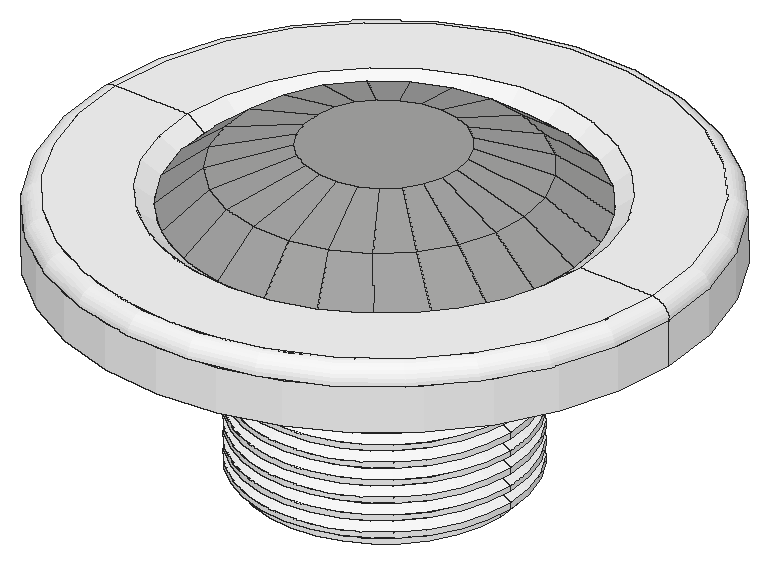
Revit family "NX_OMNI_Indoor_Sensor_Module", category Communication Devices, host Face, Revit 2021
Family settings
  Host = Face
  Maintain Annotation Orientation = No
  Round Connector Dimension = Use Diameter
  Part Type = Normal
  OmniClass Number = 23.85.80.11.27
  OmniClass Title = Lighting Controls
  Cut with Voids When Loaded = No
  Shared = Yes
  Room Calculation Point = No
Parameters
  Warranty = "5-Years Warranty"  # constant formula
  Type Comments = "Sensor Module"  # constant formula
  Timer Timeout = "Automatic mode:1 sec - 20 min"  # constant formula
  Technology = "Passive Infrared"  # constant formula
  Product Page URL = ""
  Product Documentation Link = ""
  URL = "https://www.currentlighting.com/nxlightingcontrols"
  Power Requirements = "12VDC, 30 mA supplied by NXFM or NXRC"  # constant formula
  Mounting = "Mounts in 1.5” diameter aperture, secured by supplied nut on threaded body Recommended max mounting height: 16’ [4.87 m], min 8’ [2.43 m]"  # constant formula
  Model = "NX OMNI Indoor/Outdoor Sensor Module"  # constant formula
  Manufacturer = " NX Lighting Controls"  # constant formula
  Sensing Element = Paint - Gray Smooth
  Description = "The Control Solutions NXSMP-OMNI Module provides a unique solution for integrating automatic control functions directly into a luminaire. "  # constant formula
  Default Elevation = 48.00"
  Copyright = "Copyright ©  NX Lighting Controls"  # constant formula
  Contact Us = ""
  Housing Material = Paint -  Matte White
  Certifications = "Bluetooth Version 4.1,FCC Part 15.247,FCC ID: YH9NXSMP,\r\nIC: 9044A-NXSMP"  # constant formula
  Assembly Code = "D5090"
Reference planes (in)
  plane 1 "Center (Front/Back)": y = 10.63342
  plane 2: z = 0
  plane 3 "Center (Left/Right)": x = 0
  plane 4: x = -1.75
  plane 5: x = 1.75
  plane 6: y = 12.38342
  plane 7: y = 8.88342
  plane 8: z = 0.6
  plane 9: z = -1.2
Forms (in)
  Revolve 1, solid, material "Paint -  Matte White" <- "Housing Material"
    sketch origin (0, 10.63342, 0) x (1, 0, 0) y (0, 0, 1)
      loop
        line (0, -1.19844) -> (0, 0.27526) -> (-1.10848, 0.27526) -> (-1.20628, 0.34375) -> (-1.65, 0.34375)
        arc (-1.65, 0.34375) -> (-1.72071, 0.31446) -> (-1.75, 0.24375) r 0.1
        line (-1.75, 0.24375) -> (-1.75, -0.00781) -> (-0.71434, -0.00781) -> (-0.77542, -0.04308) -> (-0.77542, -0.07408) -> (-0.71875, -0.1068) -> (-0.77542, -0.13951) -> (-0.77542, -0.17051) -> (-0.71875, -0.20323) -> (-0.77542, -0.23595) -> (-0.77542, -0.26695) -> (-0.71875, -0.29967) -> (-0.77542, -0.33239) -> (-0.77542, -0.36339) -> (-0.71875, -0.3961) -> (-0.77542, -0.42882) -> (-0.77542, -0.45982) -> (-0.71875, -0.49254) -> (-0.77542, -0.52526) -> (-0.77542, -0.55626) -> (-0.71875, -0.58898) -> (-0.77542, -0.62169) -> (-0.77542, -0.65269) -> (-0.71875, -0.68541) -> (-0.77542, -0.71813) -> (-0.77542, -0.74913) -> (-0.71875, -0.78185) -> (-0.77542, -0.81457) -> (-0.77542, -0.84557) -> (-0.71875, -0.87828) -> (-0.77542, -0.911) -> (-0.77542, -0.942) -> (-0.71875, -0.97472) -> (-0.77542, -1.00744) -> (-0.77542, -1.03844) -> (-0.71875, -1.07116) -> (-0.77542, -1.10387) -> (-0.77542, -1.13487) -> (-0.71875, -1.16759) -> (-0.71875, -1.19844) -> (0, -1.19844)
      axis (0, 0.34375) -> (0, -1.19844)
    angle from 0 to 360
  Blend 2, solid, material "Paint - Gray Smooth" <- "Sensing Element"
    base sketch origin (-0.01563, -0.00912, 0) x (1, 0, 0) y (0, 1, 0)
      loop
        line (0.01563, 11.75459) -> (-0.26093, 11.71965) -> (-0.52011, 11.61704) -> (-0.74562, 11.45319) -> (-0.92331, 11.23841) -> (-1.04199, 10.98618) -> (-1.09423, 10.71237) -> (-1.07672, 10.43417) -> (-0.99058, 10.16906) -> (-0.84122, 9.9337) -> (-0.63802, 9.74288) -> (-0.39375, 9.60859) -> (-0.12375, 9.53927) -> (0.155, 9.53927) -> (0.425, 9.60859) -> (0.66927, 9.74288) -> (0.87247, 9.9337) -> (1.02183, 10.16906) -> (1.10797, 10.43417) -> (1.12548, 10.71237) -> (1.07324, 10.98618) -> (0.95456, 11.23841) -> (0.77687, 11.45319) -> (0.55136, 11.61704) -> (0.29218, 11.71965) -> (0.01563, 11.75459)
    top sketch origin (-0.01563, -0.00912, 0) x (1, 0, 0) y (0, 1, 0)
      loop
        line (0, 11.48206) -> (-0.21105, 11.4554) -> (-0.40884, 11.37709) -> (-0.58093, 11.25205) -> (-0.71653, 11.08814) -> (-0.8071, 10.89566) -> (-0.84696, 10.68671) -> (-0.83361, 10.4744) -> (-0.76787, 10.27209) -> (-0.65389, 10.09248) -> (-0.49882, 9.94686) -> (-0.31241, 9.84437) -> (-0.10636, 9.79147) -> (0.10636, 9.79147) -> (0.31241, 9.84437) -> (0.49882, 9.94686) -> (0.65389, 10.09248) -> (0.76787, 10.27209) -> (0.83361, 10.4744) -> (0.84696, 10.68671) -> (0.8071, 10.89566) -> (0.71653, 11.08814) -> (0.58093, 11.25205) -> (0.40884, 11.37709) -> (0.21105, 11.4554) -> (0, 11.48206)
    from 0.27526 to 0.47337
  Blend 3, solid, material "Paint - Gray Smooth" <- "Sensing Element"
    base sketch origin (0, 0, 0) x (1, 0, 0) y (0, 1, 0)
      loop
        line (-0.01562, 11.47294) -> (-0.22667, 11.44627) -> (-0.42446, 11.36796) -> (-0.59656, 11.24293) -> (-0.73216, 11.07902) -> (-0.82273, 10.88654) -> (-0.86259, 10.67758) -> (-0.84923, 10.46528) -> (-0.7835, 10.26296) -> (-0.66951, 10.08335) -> (-0.51444, 9.93773) -> (-0.32803, 9.83525) -> (-0.12199, 9.78235) -> (0.09074, 9.78235) -> (0.29678, 9.83525) -> (0.48319, 9.93773) -> (0.63826, 10.08335) -> (0.75225, 10.26296) -> (0.81798, 10.46528) -> (0.83134, 10.67758) -> (0.79148, 10.88654) -> (0.70091, 11.07902) -> (0.56531, 11.24293) -> (0.39321, 11.36796) -> (0.19542, 11.44627) -> (-0.01562, 11.47294)
    top sketch origin (0, 0, 0) x (1, 0, 0) y (0, 1, 0)
      loop
        line (0, 11.06751) -> (-0.10795, 11.05387) -> (-0.20913, 11.01382) -> (-0.29716, 10.94986) -> (-0.36652, 10.86602) -> (-0.41285, 10.76756) -> (-0.43324, 10.66068) -> (-0.4264, 10.55208) -> (-0.39278, 10.44859) -> (-0.33447, 10.35672) -> (-0.25515, 10.28223) -> (-0.1598, 10.22981) -> (-0.05441, 10.20275) -> (0.05441, 10.20275) -> (0.1598, 10.22981) -> (0.25515, 10.28223) -> (0.33447, 10.35672) -> (0.39278, 10.44859) -> (0.4264, 10.55208) -> (0.43324, 10.66068) -> (0.41285, 10.76756) -> (0.36652, 10.86602) -> (0.29716, 10.94986) -> (0.20913, 11.01382) -> (0.10795, 11.05387) -> (0, 11.06751)
    from 0.47337 to 0.6
Cuts and joins
  joined: Blend 2, Blend 3
Dimensions and locks (in)
  plane 8 to plane 9 = 1.80"
  plane 2 to plane 9 = 1.20"
  aligned and locked: plane 2 to host face
  aligned and locked: level to host face
  aligned and locked: Blend 2 to Revolve 1
Connectors (in)
  electrical at (0, 10.63342, -0.00781)
    settings: on Revolve 1, index 1, voltage 0 V, apparent load 0 VA, apparent load phase1 0 VA, apparent load phase2 0 VA, apparent load phase3 0 VA, power factor 1, load classification "Other", number of poles 1, system type 13, power factor state 1, is connector primary yes, connector utility no, sub classification motor no, connector description ""
